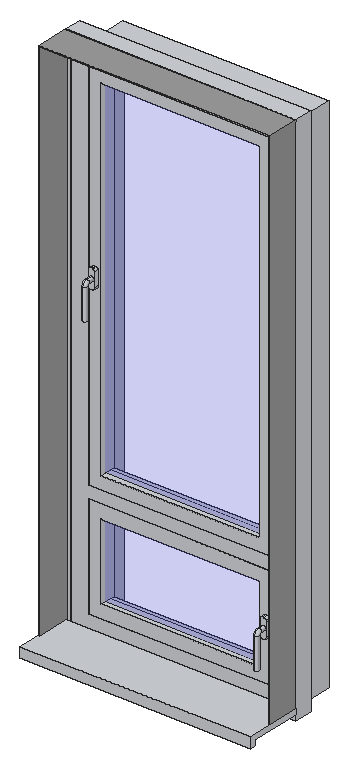
Revit family "AVLN_Окно_Фрамуга_1 створка", category Окна, Revit 2021
Family settings
  Основа = Стена
  Номер OmniClass = 23.30.20.00
  Заголовок OmniClass = Windows
  Всегда вертикально = Да
  При загрузке вырезать с полостями = Нет
  Общий = Нет
  Точка принадлежности помещению = Нет
Parameters (values of type "Для копирования!")
  Ширина рамы = 70 mm
  Ширина импоста = 50 mm
  Четверть слева/справа = 50 mm
  Четверть низ = 0 mm  # constant formula
  Четверть верх = 50 mm
  Толщина основы [instance] = 200 mm
  Створка_толщина = 25 mm  # constant formula
  Створка_снизу_высота = 400 mm
  Створка_профиль = 50 mm
  Створка ширина = Width - ((Ширина рамы * 2) + (Монтажный зазор * 2))  # 720 mm
  Створка высота = Height - (Створка_снизу_высота + (Ширина рамы * 2) + Ширина импоста + (Монтажный зазор * 2))  # 1470 mm
  Rough Width = Width - Монтажный зазор * 2  # 860 mm
  Rough Height = Height - Монтажный зазор * 2  # 2060 mm
  Подстановочный профиль_Ширина = 20 mm  # constant formula
  Подстановочный профиль_Толщина = 50 mm
  Подоконник_Толщина = 20 mm
  Подоконник_Длина = Width  # 900 mm
  Подоконник_Глубина = 190 mm
  Подоконник = yes
  Отлив_Толщина = 1 mm  # constant formula
  Отлив_Длина = Width - [Четверть слева/справа] * 2  # 800 mm
  Отлив_Глубина = 200 mm
  Отлив = no
  Откос_Н.Ширина = Width - 2 * [Четверть слева/справа]  # 800 mm
  Откос_Н.Толщина.8 = 32 mm
  Откос_Н.Толщина.7 = 28 mm
  Откос_Н.Толщина.6 = 24 mm
  Откос_Н.Толщина.5 = 20 mm
  Откос_Н.Толщина.4 = 16 mm
  Откос_Н.Толщина.3 = 12 mm
  Откос_Н.Толщина.2 = 8 mm
  Откос_Н.Толщина.1 = 4 mm
  Откос_Н.Отступ_П = 0 mm  # constant formula
  Откос_Н.Отступ_Л = 0 mm  # constant formula
  Откос_Н.Количество слоев = 1
  Откос_Н.Глубина = 150 mm
  Откос_Н.Высота = Height - Четверть верх - Четверть низ  # 2050 mm
  Откос_В.Толщина.8 = 32 mm
  Откос_В.Толщина.7 = 28 mm
  Откос_В.Толщина.6 = 24 mm
  Откос_В.Толщина.5 = 20 mm
  Откос_В.Толщина.4 = 16 mm
  Откос_В.Толщина.3 = 12 mm
  Откос_В.Толщина.2 = 8 mm
  Откос_В.Толщина.1 = 4 mm
  Откос_В.Отступ_П [instance] = Монтажный зазор + Подоконник_Толщина  # 40 mm
  Откос_В.Отступ_Л [instance] = Монтажный зазор + Подоконник_Толщина  # 40 mm
  Откос_В.Количество слоев = 1
  Откос_В.Глубина [instance] = Толщина основы - Глубина вставки - Ширина рамы  # 130 mm
  Определить тепловые свойства по = Тип схем
  Низ открывание = АВЛН_Створка открывная : Створка повороно-откидная левая
  Монтажный зазор = 20 mm
  М.Стекла = Стекло
  М.Рамы = none
  М.Подоконный профиль = none
  М.Подоконник = none
  М.Отлив = none
  М.Откос_Н.8 = none
  М.Откос_Н.7 = none
  М.Откос_Н.6 = none
  М.Откос_Н.5 = none
  М.Откос_Н.4 = none
  М.Откос_Н.3 = none
  М.Откос_Н.2 = none
  М.Откос_Н.1 = none
  М.Откос_В.8 = none
  М.Откос_В.7 = none
  М.Откос_В.6 = none
  М.Откос_В.5 = none
  М.Откос_В.4 = none
  М.Откос_В.3 = none
  М.Откос_В.2 = none
  М.Откос_В.1 = none
  М.Монтажного зазора = none
  Type Comments = ""
  Model = ""
  Глубина вставки = 0 mm
  Высота подоконника по умолчанию = 800 mm
  Height = 2100 mm
  Замыкание стены = По основе
  Width = 900 mm
  Верх открывание = АВЛН_Створка открывная : Створка повороно-откидная правая
  Аналитическая конструкция = "<Нет>"
  АВЛН_Проем_Ширина [instance] = Width  # 900 mm
  АВЛН_Проем_Высота [instance] = Height  # 2100 mm
  ADSK_Этаж [instance] = ""
  ADSK_Размер_Ширина = Width  # 900 mm
  ADSK_Размер_Высота = Height  # 2100 mm
  ADSK_Примечание [instance] = ""
  ADSK_Площадь = Height * Width  # 1.89 m²
  ADSK_Обозначение = ""
  ADSK_Номер секции [instance] = ""
  ADSK_Наименование = ""
  ADSK_Марка = ""
  ADSK_Группирование = ""
  -----------Разрезка----------- = "-----------"  # constant formula
  -----------Профили----------- = "-----------"  # constant formula
  -----------Подоконник----------- = "-----------"  # constant formula
  -----------Отлив----------- = "-----------"  # constant formula
  -----------Откос----------- = "-----------"  # constant formula
  -----------Основные габариты----------- = "-----------"  # constant formula
  -----------Вставка----------- = "-----------"  # constant formula
Reference planes
  plane 1 "По центру (Вперед/Назад)": y = 0
  plane 2 "По центру (Влево/Вправо)": x = 0
  plane 3 "Слева": x = -450
  plane 4 "Справа": x = 450
  plane 5 "Подоконник": z = 800
  plane 6 "Заголовок": z = 2900
  plane 7 "Наружный": y = 100
  plane 8 "Внутренние": y = -100
  plane 9 "Окно": y = 100
  plane 10: x = 430
  plane 11: z = 2880
  plane 12: x = -430
  plane 13: z = 820
  plane 14: x = 400
  plane 15: x = -400
  plane 16: z = 1850
  plane 17: y = 600
  plane 18: y = -400
  plane 19: z = 2850
  plane 20 "Чет. низ": z = 800
  plane 21 "Внутряння грань": y = 30
  plane 22: y = 80
  plane 23 "Импост верх": z = 1340
  plane 24 "Импост низ": z = 1290
  plane 25: z = 890
  plane 26: z = 2810
  plane 27: x = -360
  plane 28: x = 360
  plane 29 "4": z = 1315
  plane 30: z = 1090
  plane 31: x = 0
  plane 32: z = 2075
Forms (mm)
  Extrusion 1, void
    sketch origin (0, 100, 0) x (1, 0, 0) y (0, 0, 1)
      loop
        line (400, 2850) -> (-400, 2850) -> (-400, 800) -> (400, 800) -> (400, 2850)
    from -500 to 20
  Extrusion 2, void
    sketch origin (0, 100, 0) x (1, 0, 0) y (0, 0, 1)
      loop
        line (450, 2900) -> (-450, 2900) -> (-450, 800) -> (450, 800) -> (450, 2900)
    from 0 to 500
  Extrusion 3, solid, material <- "М.Монтажного зазора", detail levels medium+fine
    sketch origin (0, 100, 0) x (1, 0, 0) y (0, 0, 1)
      loop
        line (450, 2900) -> (-450, 2900) -> (-450, 800) -> (450, 800) -> (450, 2900)
      loop
        line (-430, 2880) -> (-430, 820) -> (430, 820) -> (430, 2880) -> (-430, 2880)
    from 0 to 70
  Extrusion 4, solid, material <- "М.Рамы", detail levels medium+fine
    sketch origin (0, 100, 0) x (-1, 0, 0) y (0, 0, 1)
      loop
        line (-430, 2880) -> (-430, 820) -> (430, 820) -> (430, 2880) -> (-430, 2880)
      loop
        line (-360, 2810) -> (-360, 1340) -> (360, 1340) -> (360, 2810) -> (-360, 2810)
      loop
        line (-360, 890) -> (360, 890) -> (360, 1290) -> (-360, 1290) -> (-360, 890)
    from -70 to 0
Lines and regions (mm)
  reference lines
    curve 1: line (-450, -100, 1315) -> (450, -100, 1315)
Text (mm)
  text "EXTERIOR" at (-1963.203, 1332.353, 0), in view "Опорный уровень"
  text "INTERIOR" at (-1981.466, -818.386, 0), in view "Опорный уровень"
  text "Наружный" at (0, 923.751, 2943.296), in view "Справа"
  text "Наружный" at (0, 1240.237, 2685.409), in view "Слева"
Dimensions and locks
  equal spacing: plane 3 "Слева", plane 2 "По центру (Влево/Вправо)", plane 4 "Справа"
  "Width": plane 3 "Слева" to plane 4 "Справа"
  "Height": plane 5 "Подоконник" to plane 6 "Заголовок"
  "Высота подоконника по умолчанию": plane 5 "Подоконник" to level
  locked: plane 7 "Наружный" to host wall
  locked: plane 8 "Внутренние" to host wall
  "Глубина вставки": plane 9 "Окно" to plane 7 "Наружный"
  "Монтажный зазор": plane 10 to plane 4 "Справа"
  "Монтажный зазор": plane 3 "Слева" to plane 12
  "Монтажный зазор": plane 11 to plane 6 "Заголовок"
  "Монтажный зазор": plane 5 "Подоконник" to plane 13
  "Четверть слева/справа": plane 14 to plane 4 "Справа"
  "Четверть слева/справа": plane 3 "Слева" to plane 15
  equal spacing: plane 5 "Подоконник", plane 16, plane 6 "Заголовок"
  locked: plane 7 "Наружный" to plane 17 at 500
  locked: plane 18 to plane 8 "Внутренние" at 300
  "Четверть верх": plane 19 to plane 6 "Заголовок"
  "Четверть низ": plane 5 "Подоконник" to plane 20 "Чет. низ"
  "Ширина рамы": plane 9 "Окно" to plane 21 "Внутряння грань"
  "Толщина основы": host wall to host wall
  locked: plane 22 to plane 21 "Внутряння грань" at 50
  "Ширина импоста": plane 24 "Импост низ" to plane 23 "Импост верх"
  "Ширина рамы": plane 28 to plane 10
  "Ширина рамы": plane 12 to plane 27
  "Ширина рамы": plane 13 to plane 25
  "Ширина рамы": plane 26 to plane 11
  plane 23 "Импост верх" to plane 26 = 1470 mm
  "Створка_снизу_высота": plane 25 to plane 24 "Импост низ"
  equal spacing: plane 23 "Импост верх", plane 29 "4", plane 24 "Импост низ"
  equal spacing: plane 3 "Слева", plane 31, plane 4 "Справа"
  equal spacing: plane 24 "Импост низ", plane 30, plane 25
  equal spacing: plane 26, plane 32, plane 23 "Импост верх", locked at 735 each
  aligned and locked: Extrusion 1 sketch curve to plane 14
  aligned and locked: Extrusion 1 sketch curve to plane 15
  aligned and locked: plane 17 to Extrusion 1
  aligned and locked: Extrusion 2 sketch curve to plane 6 "Заголовок"
  aligned and locked: Extrusion 2 sketch curve to plane 4 "Справа"
  aligned and locked: plane 5 "Подоконник" to Extrusion 2 sketch curve
  aligned and locked: plane 3 "Слева" to Extrusion 2 sketch curve
  aligned and locked: plane 9 "Окно" to Extrusion 2
  aligned and locked: Extrusion 2 to plane 18
  aligned and locked: Extrusion 1 sketch curve to plane 19
  aligned and locked: plane 20 "Чет. низ" to Extrusion 1 sketch curve
  aligned and locked: plane 9 "Окно" to nested 1
  aligned and locked: plane 2 "По центру (Влево/Вправо)" to nested 1
  aligned and locked: nested 2 to plane 21 "Внутряння грань"
  aligned and locked: nested 2 to plane 2 "По центру (Влево/Вправо)"
  aligned and locked: nested 3 to plane 2 "По центру (Влево/Вправо)"
  aligned and locked: plane 8 "Внутренние" to nested 3
  aligned and locked: nested 4 to plane 9 "Окно"
  aligned and locked: Extrusion 3 sketch curve to plane 6 "Заголовок"
  aligned and locked: Extrusion 3 sketch curve to plane 4 "Справа"
  aligned and locked: Extrusion 3 sketch curve to nested 2  (x2)
  aligned and locked: Extrusion 3 sketch curve to plane 11
  aligned and locked: Extrusion 3 sketch curve to plane 12
  aligned and locked: plane 13 to Extrusion 3 sketch curve
  aligned and locked: Extrusion 3 sketch curve to plane 10
  aligned and locked: Extrusion 3 to nested 2
  aligned and locked: plane 24 "Импост низ" to Extrusion 4 sketch curve
  aligned and locked: plane 23 "Импост верх" to Extrusion 4 sketch curve
  aligned and locked: Extrusion 4 sketch curve to Extrusion 4 sketch curve
  aligned and locked: plane 27 to Extrusion 4 sketch curve
  aligned and locked: Extrusion 4 sketch curve to plane 12
  aligned and locked: plane 13 to Extrusion 4 sketch curve
  aligned and locked: plane 28 to Extrusion 4 sketch curve  (x2)
  aligned and locked: plane 10 to Extrusion 4 sketch curve
  aligned and locked: Extrusion 4 sketch curve to plane 26
  aligned and locked: Extrusion 4 sketch curve to plane 11
  aligned and locked: plane 20 "Чет. низ" to nested 4
  aligned and locked: nested 4 to plane 2 "По центру (Влево/Вправо)"
  aligned and locked: plane 9 "Окно" to Extrusion 3
  aligned and locked: Extrusion 4 to plane 21 "Внутряння грань"
  aligned and locked: plane 9 "Окно" to Extrusion 4
  aligned and locked: Extrusion 1 to plane 22
  aligned and locked: curve 1 to plane 29 "4"
  aligned and locked: plane 3 "Слева" to curve 1
  aligned and locked: plane 4 "Справа" to curve 1
  aligned and locked: plane 30 to nested 6
  aligned and locked: plane 32 to nested 5
  aligned and locked: plane 31 to nested 5
  aligned and locked: plane 31 to nested 6
  aligned and locked: plane 31 to nested 8
  aligned and locked: nested 8 to plane 16
Automatic sketch dimensions
  Extrusion 4 sketch curve to plane 25 = 0 mm
Nested families
  nested 1: "Отлив" at (0, 100, 800) x (-1, 0, 0) z (0, 0, 1), Глубина отлива <- "Отлив_Глубина", Длина отлива <- "Отлив_Длина", ТО <- "Отлив_Толщина", Ш_МЗЗ <- "Монтажный зазор", Ш_ПП <- "Подстановочный профиль_Ширина", ADSK_Группирование <- "ADSK_Группирование", ADSK_Номер секции <- "ADSK_Номер секции", ADSK_Этаж <- "ADSK_Этаж", visible <- "Отлив", М <- "М.Отлив", type "Отлив", detail levels fine
    with Ш_ПП 20 mm, Ш_МЗЗ 20 mm, ТО 1 mm, М none, Длина отлива 800 mm, Глубина отлива 200 mm, ADSK_Этаж "", ADSK_Примечание "", ADSK_Обозначение "", ADSK_Номер секции "", ADSK_Наименование "", ADSK_Марка "", ADSK_Группирование ""
  nested 2: "Подоконник" at (0, 30, 800), Глубина подоконника <- "Подоконник_Глубина", Длина отлива <- "Подоконник_Длина", ТП <- "Подоконник_Толщина", Ш_МЗЗ <- "Монтажный зазор", Ш_ПП <- "Подстановочный профиль_Ширина", ADSK_Группирование <- "ADSK_Группирование", ADSK_Номер секции <- "ADSK_Номер секции", ADSK_Этаж <- "ADSK_Этаж", visible <- "Подоконник", М <- "М.Подоконник", type "Подоконник", detail levels fine
    with Ш_ПП 20 mm, Ш_МЗЗ 20 mm, ТП 20 mm, М none, Длина отлива 900 mm, Глубина подоконника 190 mm, ADSK_Этаж "", ADSK_Примечание "", ADSK_Обозначение "", ADSK_Номер секции "", ADSK_Наименование "", ADSK_Марка "", ADSK_Группирование ""
  nested 3: "AVLN_Откосы_R19" at (0, -100, 0), Глубина <- "Откос_В.Глубина", Высота от уровня <- "Высота подоконника по умолчанию", ADSK_Группирование <- "Type Comments", ADSK_Этаж <- "ADSK_Этаж", ADSK_Номер секции <- "ADSK_Номер секции", Материал_1 <- "М.Откос_В.1", Материал_2 <- "М.Откос_В.2", Материал_3 <- "М.Откос_В.3", Материал_4 <- "М.Откос_В.4", Материал_5 <- "М.Откос_В.5", Материал_6 <- "М.Откос_В.6", Материал_7 <- "М.Откос_В.7", Материал_8 <- "М.Откос_В.8", Толщина_1 <- "Откос_В.Толщина.1", Толщина_2 <- "Откос_В.Толщина.2", Толщина_3 <- "Откос_В.Толщина.3", Толщина_4 <- "Откос_В.Толщина.4", Толщина_5 <- "Откос_В.Толщина.5", Толщина_6 <- "Откос_В.Толщина.6", Толщина_7 <- "Откос_В.Толщина.7", Толщина_8 <- "Откос_В.Толщина.8", Количество слоев <- "Откос_В.Количество слоев", Отступ_Л <- "Откос_В.Отступ_Л", Отступ_П <- "Откос_В.Отступ_П", Высота <- "Height", Ширина <- "Width", type "AVLN_Откосы_R19"
    with Ширина_8 676 mm, Ширина_7 732 mm, Ширина_6 780 mm, Ширина_5 820 mm, Ширина_4 852 mm, Ширина_3 876 mm, Ширина_2 892 mm, Ширина 900 mm, Толщина_8 32 mm, Толщина_7 28 mm, Толщина_6 24 mm, Толщина_5 20 mm, Толщина_4 16 mm, Толщина_3 12 mm, Толщина_2 8 mm, Толщина_1 4 mm, Отступ_П 40 mm, Отступ_Л 40 mm, Материал_8 none, Материал_7 none, Материал_6 none, Материал_5 none, Материал_4 none, Материал_3 none, Материал_2 none, Материал_1 none, Количество слоев 1, Глубина 130 mm, Высота_8 1988 mm, Высота_7 2016 mm, Высота_6 2040 mm, Высота_5 2060 mm, Высота_4 2076 mm, Высота_3 2088 mm, Высота_2 2096 mm, Высота от уровня 800 mm, Высота 2100 mm, Видимость_8 no, Видимость_7 no, Видимость_6 no, Видимость_5 no, Видимость_4 no, Видимость_3 no, Видимость_2 no, Видимость_1 yes, ADSK_Этаж "", ADSK_Номер секции "", ADSK_Группирование ""
  nested 4: "AVLN_Откосы_R19" at (0, 100, 0), Ширина <- "Откос_Н.Ширина", Глубина <- "Откос_Н.Глубина", Высота <- "Откос_Н.Высота", Высота от уровня <- "Высота подоконника по умолчанию", ADSK_Группирование <- "Type Comments", ADSK_Этаж <- "ADSK_Этаж", ADSK_Номер секции <- "ADSK_Номер секции", Материал_1 <- "М.Откос_Н.1", Материал_2 <- "М.Откос_Н.2", Материал_3 <- "М.Откос_Н.3", Материал_4 <- "М.Откос_Н.4", Материал_5 <- "М.Откос_Н.5", Материал_6 <- "М.Откос_Н.6", Материал_7 <- "М.Откос_Н.7", Материал_8 <- "М.Откос_Н.8", Толщина_1 <- "Откос_Н.Толщина.1", Толщина_2 <- "Откос_Н.Толщина.2", Толщина_3 <- "Откос_Н.Толщина.3", Толщина_4 <- "Откос_Н.Толщина.4", Толщина_5 <- "Откос_Н.Толщина.5", Толщина_6 <- "Откос_Н.Толщина.6", Толщина_7 <- "Откос_Н.Толщина.7", Толщина_8 <- "Откос_Н.Толщина.8", Количество слоев <- "Откос_Н.Количество слоев", Отступ_Л <- "Откос_Н.Отступ_Л", Отступ_П <- "Откос_Н.Отступ_П", type "AVLN_Откосы_R19"
    with Ширина_8 576 mm, Ширина_7 632 mm, Ширина_6 680 mm, Ширина_5 720 mm, Ширина_4 752 mm, Ширина_3 776 mm, Ширина_2 792 mm, Ширина 800 mm, Толщина_8 32 mm, Толщина_7 28 mm, Толщина_6 24 mm, Толщина_5 20 mm, Толщина_4 16 mm, Толщина_3 12 mm, Толщина_2 8 mm, Толщина_1 4 mm, Отступ_П 0 mm, Отступ_Л 0 mm, Материал_8 none, Материал_7 none, Материал_6 none, Материал_5 none, Материал_4 none, Материал_3 none, Материал_2 none, Материал_1 none, Количество слоев 1, Глубина 150 mm, Высота_8 1938 mm, Высота_7 1966 mm, Высота_6 1990 mm, Высота_5 2010 mm, Высота_4 2026 mm, Высота_3 2038 mm, Высота_2 2046 mm, Высота от уровня 800 mm, Высота 2050 mm, Видимость_8 no, Видимость_7 no, Видимость_6 no, Видимость_5 no, Видимость_4 no, Видимость_3 no, Видимость_2 no, Видимость_1 yes, ADSK_Этаж "", ADSK_Номер секции "", ADSK_Группирование ""
  nested 5: "АВЛН_Створка открывная" at (0, 30, 2075) x (1, 0, 0) z (0, 1, 0), type <- "Верх открывание", Ширина рамы <- "Створка_профиль", Створка высота <- "Створка высота", Створка ширина <- "Створка ширина", Материал_Ручки <- "М.Рамы", Материал_Рама <- "М.Рамы", Материал_Стеклопакет <- "М.Стекла", type "Створка повороно-откидная правая", detail levels medium+fine
    with Ширина рамы 50 mm, Створка ширина 720 mm, Створка высота 1470 mm, Материал_Стеклопакет Стекло, Материал_Ручки none, Материал_Рама none, Width 720 mm, Height 1470 mm
  nested 6: "АВЛН_Створка открывная" at (0, 30, 1090) x (1, 0, 0) z (0, 1, 0), type <- "Низ открывание", Ширина рамы <- "Створка_профиль", Створка высота <- "Створка_снизу_высота", Створка ширина <- "Створка ширина", Материал_Ручки <- "М.Рамы", Материал_Рама <- "М.Рамы", Материал_Стеклопакет <- "М.Стекла", type "Створка повороно-откидная левая", detail levels medium+fine
    with Ширина рамы 50 mm, Створка ширина 720 mm, Створка высота 400 mm, Материал_Стеклопакет Стекло, Материал_Ручки none, Материал_Рама none, Width 720 mm, Height 1470 mm
  nested 7: "Откос_R1" at (0, 175, 800), type "Откос_R19 2"
    with Площадь 0.735 m², Отступ_П 0 mm, Отступ_Л 0 mm, Материал none, Видимость yes, ADSK_Этаж "", ADSK_Размер_Ширина 800 mm, ADSK_Размер_Толщина 4 mm, ADSK_Размер_Глубина 150 mm, ADSK_Размер_Высота 2050 mm, ADSK_Номер секции "", ADSK_Группирование ""
  nested 8: "AVLN_Обозначение проема" at (0, 100, 1850) x (0, 0, -1) z (0, -1, 0), ADSK_Размер_Высота <- "АВЛН_Проем_Ширина", ADSK_Размер_Ширина <- "АВЛН_Проем_Высота", type "AVLN_Обозначение проема", detail levels coarse
    with ADSK_Размер_Ширина 2100 mm, ADSK_Размер_Высота 900 mm
  nested 9: "Откос_R1" at (0, -35, 800), type "Откос_R19 2"
    with Площадь 0.663 m², Отступ_П 40 mm, Отступ_Л 40 mm, Материал none, Видимость yes, ADSK_Этаж "", ADSK_Размер_Ширина 900 mm, ADSK_Размер_Толщина 4 mm, ADSK_Размер_Глубина 130 mm, ADSK_Размер_Высота 2100 mm, ADSK_Номер секции "", ADSK_Группирование ""
Definition of nested family "Отлив"
  Parameters (values of type "Отлив")
    Ш_ПП [instance] = 50 mm
    Ш_МЗЗ [instance] = 35 mm
    ТО [instance] = 1 mm
    Default Elevation = 1219.2 mm
    М [instance] = none
    Длина отлива [instance] = 1560 mm
    Глубина отлива [instance] = 280 mm
    ADSK_Этаж [instance] = ""
    ADSK_Примечание [instance] = ""
    ADSK_Обозначение [instance] = ""
    ADSK_Номер секции [instance] = ""
    ADSK_Наименование [instance] = ""
    ADSK_Марка [instance] = ""
    ADSK_Группирование [instance] = ""
  Reference planes
    plane 1 "По центру (Вперед/Назад)": y = 0
    plane 2: z = 0
    plane 3 "По центру (Влево/Вправо)": x = 0
    plane 4: y = -280
    plane 5: x = -780
    plane 6: x = 780
    plane 7: z = 35
    plane 8: z = 85
    plane 9: y = -1
    plane 10: y = -300
    plane 11: y = -301
    plane 12: z = -35
    plane 13: z = 34
  Forms (mm)
    Extrusion 1, solid, material <- "М"
      sketch origin (0, 0, 0) x (0, 1, 0) y (0, 0, 1)
        loop
          line (0, 85) -> (-1, 85) -> (-1, 34.893) -> (-301, 0.893) -> (-301, -35) -> (-300, -35) -> (-300, 0) -> (0, 34) -> (0, 85)
      from -780 to 780
  Dimensions and locks
    equal spacing: plane 5, plane 3 "По центру (Влево/Вправо)", plane 6
    "Длина отлива": plane 5 to plane 6
    "Глубина отлива": plane 4 to plane 1 "По центру (Вперед/Назад)"
    "Ш_МЗЗ": plane 7 to level
    "Ш_ПП": plane 8 to plane 7
    "ТО": plane 1 "По центру (Вперед/Назад)" to plane 9
    "ТО": plane 10 to plane 11
    locked: level to plane 12 at 35
    "ТО": plane 7 to plane 13
    "ТО": Extrusion 1 sketch curve to Extrusion 1 sketch curve
    locked: plane 4 to plane 10 at 20
    aligned and locked: level to plane 2
    aligned and locked: plane 8 to Extrusion 1 sketch curve
    aligned and locked: plane 9 to Extrusion 1 sketch curve
    aligned and locked: plane 11 to Extrusion 1 sketch curve
    aligned and locked: plane 12 to Extrusion 1 sketch curve
    aligned and locked: plane 1 "По центру (Вперед/Назад)" to Extrusion 1 sketch curve  (x2)
    aligned and locked: plane 13 to Extrusion 1 sketch curve
    aligned and locked: level to Extrusion 1 sketch curve
    aligned and locked: plane 10 to Extrusion 1 sketch curve
    aligned and locked: plane 6 to Extrusion 1
    aligned and locked: Extrusion 1 to plane 5
Definition of nested family "Подоконник"
  Parameters (values of type "Подоконник")
    Ш_ПП [instance] = 50 mm
    Ш_МЗЗ [instance] = 35 mm
    ТП [instance] = 20 mm
    Default Elevation = 1219.2 mm
    М [instance] = none
    Длина отлива [instance] = 1560 mm
    Глубина подоконника [instance] = 280 mm
    ADSK_Этаж [instance] = ""
    ADSK_Примечание [instance] = ""
    ADSK_Обозначение [instance] = ""
    ADSK_Номер секции [instance] = ""
    ADSK_Наименование [instance] = ""
    ADSK_Марка [instance] = ""
    ADSK_Группирование [instance] = ""
  Reference planes
    plane 1 "По центру (Вперед/Назад)": y = 0
    plane 2: z = 0
    plane 3 "По центру (Влево/Вправо)": x = 0
    plane 4: y = -280
    plane 5: x = -780
    plane 6: x = 780
    plane 7: z = 35
    plane 8: z = 85
    plane 9: y = -20
    plane 10: y = -290
    plane 11: y = -310
    plane 12: z = -35
    plane 13: z = 15
    plane 14: z = 65
  Forms (mm)
    Extrusion 1, solid, material <- "М"
      sketch origin (0, 0, 0) x (0, 1, 0) y (0, 0, 1)
        loop
          line (0, 85) -> (-310, 85) -> (-310, 0) -> (-290, 0) -> (-290, 65) -> (0, 65) -> (0, 85)
      from -780 to 780
  Dimensions and locks
    equal spacing: plane 5, plane 3 "По центру (Влево/Вправо)", plane 6
    "Длина отлива": plane 5 to plane 6
    "Глубина подоконника": plane 4 to plane 1 "По центру (Вперед/Назад)"
    "Ш_МЗЗ": plane 7 to level
    "Ш_ПП": plane 8 to plane 7
    "ТП": plane 1 "По центру (Вперед/Назад)" to plane 9
    "ТП": plane 10 to plane 11
    locked: level to plane 12 at 35
    "ТП": plane 7 to plane 13
    locked: plane 4 to plane 10 at 10
    "ТП": plane 8 to plane 14
    aligned and locked: level to plane 2
    aligned and locked: plane 8 to Extrusion 1 sketch curve
    aligned and locked: plane 1 "По центру (Вперед/Назад)" to Extrusion 1 sketch curve
    aligned and locked: plane 10 to Extrusion 1 sketch curve
    aligned and locked: plane 11 to Extrusion 1 sketch curve
    aligned and locked: level to Extrusion 1 sketch curve
    aligned and locked: plane 14 to Extrusion 1 sketch curve
    aligned and locked: Extrusion 1 to plane 5
    aligned and locked: plane 6 to Extrusion 1
Definition of nested family "АВЛН_Створка открывная"
  Parameters (values of type "Створка повороно-откидная правая")
    Ширина рамы [instance] = 50 mm
    Width = 600 mm
    Створка ширина [instance] = 800 mm
    Створка высота [instance] = 700 mm
    Материал_Стеклопакет [instance] = none
    Поворотная Правая = yes
    Поворотная Левая = no
    Default Elevation = 1219.2 mm
    Открываная = yes
    Откидная = yes
    Материал_Ручки [instance] = none
    Материал_Рама [instance] = none
    Левая = yes
    Глухое = no
    Height = 1150 mm
    Analytic Construction = "<Нет>"
  Types (6, lengths in mm): name | Width | Поворотная Правая | Поворотная Левая | Открываная | Откидная | Глухое | Height
    Створка повороно-откидная правая | 600 | yes | no | yes | yes | no | 1150
    Створка повороно-откидная левая | 600 | no | yes | yes | yes | no | 1150
    Створка глухая | 600 | no | no | no | no | yes | 1150
    Створка откидная | 1300 | no | no | yes | yes | no | 1700
    Створка поворотная правая | 600 | yes | no | yes | no | no | 1150
    Створка поворотная левая | 600 | no | yes | yes | no | no | 1150
  Reference planes
    plane 1 "По центру (Вперед/Назад)": y = 0
    plane 2 "Внутрення грань": z = 0
    plane 3 "По центру (Влево/Вправо)": x = 0
    plane 4: y = 350
    plane 5: x = 400
    plane 6: y = -350
    plane 7: x = -400
    plane 8 "Наружняя грань": z = 60.433
    plane 9 "По центру Л/Р": z = 30.216
  Forms (mm)
    Extrusion 1, solid
      sketch origin (0, 0, 0) x (1, 0, 0) y (0, 1, 0)
        loop
          line (-1219.2, 1219.2) -> (-1219.2, -1219.2) -> (1219.2, -1219.2) -> (1219.2, 1219.2) -> (-1219.2, 1219.2)
      from 0 to -304.8
    Sweep 2, solid, material <- "Материал_Рама", visible <- "Открываная"
      path origin (0, 0, 0) x (1, 0, 0) y (0, 1, 0)
        loop
          line (400, 350) -> (-400, 350) -> (-400, -350) -> (400, -350) -> (400, 350)
      profile origin (0, 350, 0) x (0, -1, 0) y (0, 0, 1)
        loop
          line (0, 0) -> (50, 0) -> (50, 60.433) -> (0, 60.433) -> (0, 0)
    Extrusion 3, solid, material <- "Материал_Стеклопакет", visible <- "Открываная"
      sketch origin (0, 0, 0) x (1, 0, 0) y (0, 1, 0)
        loop
          line (-350, 300) -> (-350, -300) -> (350, -300) -> (350, 300) -> (-350, 300)
      from 17.481 to 42.952
    Extrusion 4, solid, material <- "Материал_Стеклопакет", visible <- "Глухое"
      sketch origin (0, 0, 0) x (1, 0, 0) y (0, 1, 0)
        loop
          line (-400, 350) -> (-400, -350) -> (400, -350) -> (400, 350) -> (-400, 350)
      from 17.481 to 42.952
  Lines and regions (mm)
    model lines, visible <- "Глухое", detail levels medium+fine
      curve 1: line (0, 50, 60.433) -> (0, -50, 60.433)
      curve 2: line (50, 0, 60.433) -> (-50, 0, 60.433)
      curve 17: line (0, 50, 0) -> (0, -50, 0)
      curve 18: line (50, 0, 0) -> (-50, 0, 0)
    model lines, visible <- "Глухое", not visible, detail levels medium+fine
      curve 3: line (60, 38.001, 60.433) -> (60, -61.999, 60.433)
      curve 4: line (110, -11.999, 60.433) -> (10, -11.999, 60.433)
    model lines, visible <- "Поворотная Правая", detail levels medium+fine
      curve 5: line (400, 350, 0) -> (-400, 0, 0)
      curve 6: line (400, -350, 0) -> (-400, 0, 0)
      curve 13: line (400, 350, 60.433) -> (-400, 0, 60.433)
      curve 14: line (400, -350, 60.433) -> (-400, 0, 60.433)
    model lines, visible <- "Откидная", detail levels medium+fine
      curve 7: line (-400, -350, 0) -> (0, 350, 0)
      curve 8: line (0, 350, 0) -> (400, -350, 0)
      curve 15: line (-400, -350, 60.433) -> (0, 350, 60.433)
      curve 16: line (0, 350, 60.433) -> (400, -350, 60.433)
    model lines, visible <- "Поворотная Левая", detail levels medium+fine
      curve 9: line (-400, 350, 0) -> (400, 0, 0)
      curve 10: line (-400, -350, 0) -> (400, 0, 0)
      curve 11: line (-400, 350, 60.433) -> (400, 0, 60.433)
      curve 12: line (-400, -350, 60.433) -> (400, 0, 60.433)
  Dimensions and locks
    "Створка высота": plane 4 to plane 6
    "Створка ширина": plane 7 to plane 5
    equal spacing: plane 7, plane 3 "По центру (Влево/Вправо)", plane 5
    equal spacing: plane 6, plane 1 "По центру (Вперед/Назад)", plane 4
    plane 2 "Внутрення грань" to plane 8 "Наружняя грань" = 60.433 mm
    level to Extrusion 4 = 42.952 mm
    plane 8 "Наружняя грань" to level = 60.433 mm
    equal spacing: Extrusion 3, plane 9 "По центру Л/Р", Extrusion 3
    equal spacing: plane 8 "Наружняя грань", plane 9 "По центру Л/Р", level
    Extrusion 3 to Extrusion 3 = 25.471 mm
    "Ширина рамы": profile plane to Sweep 2 sketch curve
    equal spacing: Extrusion 4, plane 9 "По центру Л/Р", Extrusion 4, locked at 12.735 each
    locked: Extrusion 4 to Extrusion 4 at 25.471
    equal spacing: Sweep 2, nested 1, Sweep 2
    equal spacing: Sweep 2, nested 2, Sweep 2
    aligned and locked: plane 2 "Внутрення грань" to Extrusion 1
    aligned and locked: level to Extrusion 1
    aligned and locked: plane 4 to Sweep 2 sketch curve
    aligned and locked: plane 5 to Sweep 2 sketch curve
    aligned and locked: plane 6 to Sweep 2 sketch curve
    aligned and locked: Sweep 2 sketch curve to plane 7
    aligned and locked: Extrusion 3 sketch curve to Sweep 2  (x4)
    aligned and locked: Extrusion 4 sketch curve to Sweep 2  (x3)
    aligned and locked: Extrusion 4 sketch curve to plane 5
    aligned and locked: Sweep 2 sketch curve to plane 8 "Наружняя грань"
    aligned and locked: plane 6 to Extrusion 4
    aligned and locked: plane 4 to Extrusion 4
    aligned and locked: curve 2 to plane 1 "По центру (Вперед/Назад)"
    aligned and locked: curve 1 to plane 3 "По центру (Влево/Вправо)"
    aligned and locked: curve 18 to plane 1 "По центру (Вперед/Назад)"
    aligned and locked: curve 17 to plane 3 "По центру (Влево/Вправо)"
    aligned and locked: nested 2 to plane 1 "По центру (Вперед/Назад)"
    aligned and locked: nested 1 to plane 1 "По центру (Вперед/Назад)"
  Automatic sketch dimensions
    Extrusion 1 sketch curve to Extrusion 1 sketch curve = 2438.4 mm  (x2)
    plane 1 "По центру (Вперед/Назад)" to curve 5 = 0 mm
    curve 5 to plane 7 = 0 mm
    curve 9 to plane 4 = 0 mm
    curve 9 to plane 7 = 0 mm
    plane 6 to curve 7 = 0 mm
    curve 7 to plane 7 = 0 mm
    curve 7 to plane 3 "По центру (Влево/Вправо)" = 0 mm
    curve 6 to plane 5 = 0 mm
    plane 1 "По центру (Вперед/Назад)" to curve 9 = 0 mm
    curve 9 to plane 5 = 0 mm
    curve 5 to plane 4 = 0 mm
    curve 5 to plane 5 = 0 mm
    plane 6 to curve 8 = 0 mm
    curve 8 to plane 4 = 0 mm
    curve 11 to plane 4 = 0 mm
    curve 11 to plane 7 = 0 mm
    plane 6 to curve 15 = 0 mm
    curve 15 to plane 7 = 0 mm
    plane 1 "По центру (Вперед/Назад)" to curve 14 = 0 mm
    curve 14 to plane 7 = 0 mm
    curve 15 to plane 3 "По центру (Влево/Вправо)" = 0 mm
    plane 1 "По центру (Вперед/Назад)" to curve 11 = 0 mm
    curve 11 to plane 5 = 0 mm
    curve 14 to plane 5 = 0 mm
    curve 13 to plane 4 = 0 mm
    curve 13 to plane 5 = 0 mm
    plane 6 to curve 14 = 0 mm
    curve 15 to plane 4 = 0 mm
    plane 1 "По центру (Вперед/Назад)" to curve 2 = 0 mm
    curve 1 to plane 3 "По центру (Влево/Вправо)" = 0 mm
    curve 2 to plane 3 "По центру (Влево/Вправо)" = 50 mm
    plane 3 "По центру (Влево/Вправо)" to curve 2 = 50 mm
    plane 1 "По центру (Вперед/Назад)" to curve 1 = 50 mm
    curve 1 to plane 1 "По центру (Вперед/Назад)" = 50 mm
    curve 18 to curve 17 = 50 mm
    curve 17 to curve 18 = 50 mm
    plane 1 "По центру (Вперед/Назад)" to curve 17 = 50 mm
    curve 17 to plane 1 "По центру (Вперед/Назад)" = 50 mm
    Sweep 2 sketch curve to level = 0 mm
    Sweep 2 sketch curve to profile plane = 0 mm
  Nested families
    nested 1: "АВЛН_Ручка" at (375, 1040, 0) x (1, 0, 0) z (0, -1, 0), visible <- "Поворотная Левая", Материал дверной ручки <- "Материал_Рама", type "АВЛН_Ручка", detail levels fine
      with Материал дверной ручки none, Высота расположения дверной ручки 1040 mm
    nested 2: "АВЛН_Ручка" at (-375, 1040, 0) x (1, 0, 0) z (0, -1, 0), visible <- "Поворотная Правая", Материал дверной ручки <- "Материал_Рама", type "АВЛН_Ручка", detail levels fine
      with Материал дверной ручки none, Высота расположения дверной ручки 1040 mm
  Definition of nested family "АВЛН_Ручка"
    Parameters (values of type "АВЛН_Ручка")
      Default Elevation = 1219.2 mm
      Материал дверной ручки [instance] = none
      Высота расположения дверной ручки [instance] = 1040 mm
      Analytic Construction = "<Нет>"
      b = 25 mm
      a = 75 mm
    Reference planes
      plane 1 "По центру (Вперед/Назад)": y = 0
      plane 2: z = 0
      plane 3 "По центру (Влево/Вправо)": x = 0
      plane 4: z = 1040
      plane 5: x = 12.5
      plane 6: x = -12.5
      plane 7: z = 1002.5
      plane 8: z = 1077.5
      plane 9: y = -15
    Forms (mm)
      Extrusion 1, solid, material <- "Материал дверной ручки"
        sketch origin (0, 0, 2080) x (-1, 0, 0) y (0, 0, -1)
          loop
            arc (-2.5, 1077.5) -> (-9.571, 1074.571) -> (-12.5, 1067.5) r 10
            line (-12.5, 1067.5) -> (-12.5, 1012.5)
            arc (-12.5, 1012.5) -> (-9.571, 1005.429) -> (-2.5, 1002.5) r 10
            line (-2.5, 1002.5) -> (2.5, 1002.5)
            arc (2.5, 1002.5) -> (9.571, 1005.429) -> (12.5, 1012.5) r 10
            line (12.5, 1012.5) -> (12.5, 1067.5)
            arc (12.5, 1067.5) -> (9.571, 1074.571) -> (2.5, 1077.5) r 10
            line (2.5, 1077.5) -> (-2.5, 1077.5)
        from 0 to 15
      Sweep 2, solid, material <- "Материал дверной ручки"
        path origin (-1040, 0, 1040) x (0, 0, -1) y (0, 1, 0)
          loop
            line (0, -15) -> (0, -38.261)
            arc (0, -38.261) -> (-2.929, -45.332) -> (-10, -48.261) r 10
            line (-10, -48.261) -> (-130, -48.261)
        profile origin (-1040, -26.63, 1040) x (0, 0, -1) y (1, 0, 0)
          loop
            circle (0, 1040) r 8
    Dimensions and locks
      "Высота расположения дверной ручки": plane 4 to level
      "a": plane 7 to plane 8
      "b": plane 6 to plane 5
      plane 6 to plane 5 = 25 mm
      locked: plane 1 "По центру (Вперед/Назад)" to plane 9 at 15
      plane 7 to plane 8 = 75 mm
      aligned and locked: level to plane 2
      aligned and locked: Extrusion 1 sketch curve to plane 7
      aligned and locked: plane 5 to Extrusion 1 sketch curve
      aligned and locked: plane 8 to Extrusion 1 sketch curve
      aligned and locked: Extrusion 1 sketch curve to plane 6
      aligned and locked: Extrusion 1 to plane 1 "По центру (Вперед/Назад)"
    Automatic sketch dimensions
      Sweep 2 sketch curve to plane 9 = 0 mm
      plane 4 to Sweep 2 sketch curve = 10 mm
      plane 9 to Sweep 2 sketch curve = 23.261 mm
      Sweep 2 sketch curve to Sweep 2 sketch curve = 120 mm
      Sweep 2 sketch curve to profile plane = 0 mm
      profile plane to Sweep 2 sketch curve = 1040 mm
      Sweep 2 sketch curve to plane 4 = 0 mm
      plane 3 "По центру (Влево/Вправо)" to Extrusion 1 sketch curve = 2.5 mm  (x2)
      Extrusion 1 sketch curve to plane 3 "По центру (Влево/Вправо)" = 2.5 mm  (x2)
      radius of Sweep 2 sketch curve = 8 mm
Definition of nested family "Откос_R1"
  Parameters (values of type "Откос_R19")
    Площадь [instance] = (ADSK_Размер_Ширина + 2 * ADSK_Размер_Высота) * ADSK_Размер_Глубина  # 2.93564 m²
    Отступ_П [instance] = 0 mm
    Отступ_Л [instance] = 0 mm
    Материал [instance] = none
    Model = "Внутренний слой откоса"  # constant formula
    Видимость [instance] = yes
    ADSK_Этаж [instance] = ""
    ADSK_Размер_Ширина [instance] = 1880 mm
    ADSK_Размер_Толщина [instance] = 164.158 mm
    ADSK_Размер_Глубина [instance] = 560 mm
    ADSK_Размер_Высота [instance] = 1681.106 mm
    ADSK_Примечание = ""
    ADSK_Обозначение = ""
    ADSK_Номер секции [instance] = ""
    ADSK_Наименование = ""
    ADSK_Марка = ""
    ADSK_Группирование [instance] = ""
  Reference planes
    plane 1 "По центру (Вперед/Назад)": y = 0
    plane 2: z = 0
    plane 3 "По центру (Влево/Вправо)": x = 0
    plane 4: x = -940
    plane 5: x = 940
    plane 6: y = 280
    plane 7: y = -280
    plane 8: x = -775.842
    plane 9: z = 1681.106
    plane 10: z = 0
    plane 11: z = 0
  Forms (mm)
    Sweep 1, solid, material <- "Материал", visible <- "Видимость"
      path origin (0, 0, 0) x (1, 0, 0) y (0, 0, 1)
        loop
          line (940, 0) -> (940, 1681.106) -> (-940, 1681.106) -> (-940, 0)
      profile origin (-940, 0, 840.553) x (0, -1, 0) y (1, 0, 0)
        loop
          line (-280, 0) -> (280, 0) -> (280, 164.158) -> (-280, 164.158) -> (-280, 0)
  Dimensions and locks
    equal spacing: plane 6, plane 1 "По центру (Вперед/Назад)", plane 7
    equal spacing: plane 4, plane 3 "По центру (Влево/Вправо)", plane 5
    "ADSK_Размер_Толщина": plane 4 to plane 8
    "ADSK_Размер_Глубина": plane 6 to plane 7
    "ADSK_Размер_Высота": plane 9 to level
    "ADSK_Размер_Ширина": plane 5 to plane 4
    "Отступ_Л": plane 10 to level
    "Отступ_П": plane 11 to level
    aligned and locked: level to plane 2
    aligned and locked: Sweep 1 sketch curve to plane 4
    aligned and locked: Sweep 1 sketch curve to plane 9
    aligned and locked: Sweep 1 sketch curve to plane 5
    aligned and locked: plane 6 to Sweep 1 sketch curve
    aligned and locked: profile plane to Sweep 1 sketch curve
    aligned and locked: Sweep 1 sketch curve to plane 7
    aligned and locked: plane 8 to Sweep 1 sketch curve
    aligned and locked: plane 10 to Sweep 1 sketch curve
    aligned and locked: plane 11 to Sweep 1 sketch curve
Definition of nested family "AVLN_Откосы_R19"
  Parameters (values of type "AVLN_Откосы_R19")
    Ширина_8 [instance] = Ширина_7 - Толщина_7 * 2  # 776 mm
    Ширина_7 [instance] = Ширина_6 - Толщина_6 * 2  # 832 mm
    Ширина_6 [instance] = Ширина_5 - Толщина_5 * 2  # 880 mm
    Ширина_5 [instance] = Ширина_4 - Толщина_4 * 2  # 920 mm
    Ширина_4 [instance] = Ширина_3 - Толщина_3 * 2  # 952 mm
    Ширина_3 [instance] = Ширина_2 - Толщина_2 * 2  # 976 mm
    Ширина_2 [instance] = Ширина - Толщина_1 * 2  # 992 mm
    Ширина [instance] = 1000 mm
    Толщина_8 [instance] = 32 mm
    Толщина_7 [instance] = 28 mm
    Толщина_6 [instance] = 24 mm
    Толщина_5 [instance] = 20 mm
    Толщина_4 [instance] = 16 mm
    Толщина_3 [instance] = 12 mm
    Толщина_2 [instance] = 8 mm
    Толщина_1 [instance] = 4 mm
    Отступ_П [instance] = 0 mm
    Отступ_Л [instance] = 0 mm
    Default Elevation = 1219.2 mm
    Материал_8 [instance] = none
    Материал_7 [instance] = none
    Материал_6 [instance] = none
    Материал_5 [instance] = none
    Материал_4 [instance] = none
    Материал_3 [instance] = none
    Материал_2 [instance] = none
    Материал_1 [instance] = none
    Type Comments = ""
    Количество слоев [instance] = 8
    Глубина [instance] = 200 mm
    Высота_8 [instance] = Высота_7 - Толщина_7  # 1388 mm
    Высота_7 [instance] = Высота_6 - Толщина_6  # 1416 mm
    Высота_6 [instance] = Высота_5 - Толщина_5  # 1440 mm
    Высота_5 [instance] = Высота_4 - Толщина_4  # 1460 mm
    Высота_4 [instance] = Высота_3 - Толщина_3  # 1476 mm
    Высота_3 [instance] = Высота_2 - Толщина_2  # 1488 mm
    Высота_2 [instance] = Высота - Толщина_1  # 1496 mm
    Высота от уровня [instance] = 377.189 mm
    Высота [instance] = 1500 mm
    Видимость_8 [instance] = Количество слоев > 7  # yes
    Видимость_7 [instance] = Количество слоев > 6  # yes
    Видимость_6 [instance] = Количество слоев > 5  # yes
    Видимость_5 [instance] = Количество слоев > 4  # yes
    Видимость_4 [instance] = Количество слоев > 3  # yes
    Видимость_3 [instance] = Количество слоев > 2  # yes
    Видимость_2 [instance] = Количество слоев > 1  # yes
    Видимость_1 [instance] = Количество слоев > 0  # yes
    ADSK_Этаж [instance] = ""
    ADSK_Номер секции [instance] = ""
    ADSK_Группирование [instance] = ""
  Reference planes
    plane 1 "По центру (Вперед/Назад)": y = 0
    plane 2: z = 0
    plane 3 "По центру (Влево/Вправо)": x = 0
    plane 4: y = 200
    plane 5: z = 377.189
  Dimensions and locks
    "Глубина": plane 4 to plane 1 "По центру (Вперед/Назад)"
    "Высота от уровня": plane 5 to level
    aligned and locked: level to plane 2
    aligned and locked: plane 3 "По центру (Влево/Вправо)" to nested 1
    aligned and locked: nested 1 to plane 1 "По центру (Вперед/Назад)"
    aligned and locked: plane 3 "По центру (Влево/Вправо)" to nested 2
    aligned and locked: nested 2 to plane 1 "По центру (Вперед/Назад)"
    aligned and locked: plane 3 "По центру (Влево/Вправо)" to nested 3
    aligned and locked: nested 3 to plane 1 "По центру (Вперед/Назад)"
    aligned and locked: plane 3 "По центру (Влево/Вправо)" to nested 4
    aligned and locked: nested 4 to plane 1 "По центру (Вперед/Назад)"
    aligned and locked: plane 3 "По центру (Влево/Вправо)" to nested 5
    aligned and locked: nested 5 to plane 1 "По центру (Вперед/Назад)"
    aligned and locked: plane 3 "По центру (Влево/Вправо)" to nested 6
    aligned and locked: nested 6 to plane 1 "По центру (Вперед/Назад)"
    aligned and locked: plane 3 "По центру (Влево/Вправо)" to nested 7
    aligned and locked: nested 7 to plane 1 "По центру (Вперед/Назад)"
    aligned and locked: plane 3 "По центру (Влево/Вправо)" to nested 8
    aligned and locked: nested 8 to plane 1 "По центру (Вперед/Назад)"
  Nested families
    nested 1: "Откос_R1" at (0, 100, 377.189), ADSK_Размер_Глубина <- "Глубина", built-in parameter 1001364 <- "Высота от уровня", ADSK_Группирование <- "ADSK_Группирование", ADSK_Номер секции <- "ADSK_Номер секции", ADSK_Этаж <- "ADSK_Этаж", visible <- "Видимость_1", Видимость <- "Видимость_1", Материал <- "Материал_1", ADSK_Размер_Высота <- "Высота", ADSK_Размер_Толщина <- "Толщина_1", ADSK_Размер_Ширина <- "Ширина", Отступ_Л <- "Отступ_Л", Отступ_П <- "Отступ_П", type "Откос_R19 2"
      with Площадь 0.80 m², Отступ_П 0 mm, Отступ_Л 0 mm, Материал none, Видимость yes, ADSK_Этаж "", ADSK_Размер_Ширина 1000 mm, ADSK_Размер_Толщина 4 mm, ADSK_Размер_Глубина 200 mm, ADSK_Размер_Высота 1500 mm, ADSK_Номер секции "", ADSK_Группирование ""
    nested 2: "Откос_R1" at (0, 100, 377.189), ADSK_Размер_Глубина <- "Глубина", built-in parameter 1001364 <- "Высота от уровня", ADSK_Группирование <- "ADSK_Группирование", ADSK_Номер секции <- "ADSK_Номер секции", ADSK_Этаж <- "ADSK_Этаж", visible <- "Видимость_2", Видимость <- "Видимость_2", Материал <- "Материал_2", ADSK_Размер_Высота <- "Высота_2", ADSK_Размер_Толщина <- "Толщина_2", ADSK_Размер_Ширина <- "Ширина_2", Отступ_Л <- "Отступ_Л", Отступ_П <- "Отступ_П", type "Откос_R19 2"
      with Площадь 0.7968 m², Отступ_П 0 mm, Отступ_Л 0 mm, Материал none, Видимость yes, ADSK_Этаж "", ADSK_Размер_Ширина 992 mm, ADSK_Размер_Толщина 8 mm, ADSK_Размер_Глубина 200 mm, ADSK_Размер_Высота 1496 mm, ADSK_Номер секции "", ADSK_Группирование ""
    nested 3: "Откос_R1" at (0, 100, 377.189), ADSK_Размер_Глубина <- "Глубина", built-in parameter 1001364 <- "Высота от уровня", ADSK_Группирование <- "ADSK_Группирование", ADSK_Номер секции <- "ADSK_Номер секции", ADSK_Этаж <- "ADSK_Этаж", visible <- "Видимость_3", Видимость <- "Видимость_3", Материал <- "Материал_3", ADSK_Размер_Высота <- "Высота_3", ADSK_Размер_Толщина <- "Толщина_3", ADSK_Размер_Ширина <- "Ширина_3", Отступ_Л <- "Отступ_Л", Отступ_П <- "Отступ_П", type "Откос_R19 2"
      with Площадь 0.7904 m², Отступ_П 0 mm, Отступ_Л 0 mm, Материал none, Видимость yes, ADSK_Этаж "", ADSK_Размер_Ширина 976 mm, ADSK_Размер_Толщина 12 mm, ADSK_Размер_Глубина 200 mm, ADSK_Размер_Высота 1488 mm, ADSK_Номер секции "", ADSK_Группирование ""
    nested 4: "Откос_R1" at (0, 100, 377.189), ADSK_Размер_Глубина <- "Глубина", built-in parameter 1001364 <- "Высота от уровня", ADSK_Группирование <- "ADSK_Группирование", ADSK_Номер секции <- "ADSK_Номер секции", ADSK_Этаж <- "ADSK_Этаж", visible <- "Видимость_4", Видимость <- "Видимость_4", Материал <- "Материал_4", ADSK_Размер_Высота <- "Высота_4", ADSK_Размер_Толщина <- "Толщина_4", ADSK_Размер_Ширина <- "Ширина_4", Отступ_Л <- "Отступ_Л", Отступ_П <- "Отступ_П", type "Откос_R19 2"
      with Площадь 0.7808 m², Отступ_П 0 mm, Отступ_Л 0 mm, Материал none, Видимость yes, ADSK_Этаж "", ADSK_Размер_Ширина 952 mm, ADSK_Размер_Толщина 16 mm, ADSK_Размер_Глубина 200 mm, ADSK_Размер_Высота 1476 mm, ADSK_Номер секции "", ADSK_Группирование ""
    nested 5: "Откос_R1" at (0, 100, 377.189), ADSK_Размер_Глубина <- "Глубина", built-in parameter 1001364 <- "Высота от уровня", ADSK_Группирование <- "ADSK_Группирование", ADSK_Номер секции <- "ADSK_Номер секции", ADSK_Этаж <- "ADSK_Этаж", visible <- "Видимость_5", Видимость <- "Видимость_5", Материал <- "Материал_5", ADSK_Размер_Высота <- "Высота_5", ADSK_Размер_Толщина <- "Толщина_5", ADSK_Размер_Ширина <- "Ширина_5", Отступ_Л <- "Отступ_Л", Отступ_П <- "Отступ_П", type "Откос_R19 2"
      with Площадь 0.768 m², Отступ_П 0 mm, Отступ_Л 0 mm, Материал none, Видимость yes, ADSK_Этаж "", ADSK_Размер_Ширина 920 mm, ADSK_Размер_Толщина 20 mm, ADSK_Размер_Глубина 200 mm, ADSK_Размер_Высота 1460 mm, ADSK_Номер секции "", ADSK_Группирование ""
    nested 6: "Откос_R1" at (0, 100, 377.189), ADSK_Размер_Глубина <- "Глубина", built-in parameter 1001364 <- "Высота от уровня", ADSK_Группирование <- "ADSK_Группирование", ADSK_Номер секции <- "ADSK_Номер секции", ADSK_Этаж <- "ADSK_Этаж", visible <- "Видимость_6", Видимость <- "Видимость_6", Материал <- "Материал_6", ADSK_Размер_Высота <- "Высота_6", ADSK_Размер_Толщина <- "Толщина_6", ADSK_Размер_Ширина <- "Ширина_6", Отступ_Л <- "Отступ_Л", Отступ_П <- "Отступ_П", type "Откос_R19 2"
      with Площадь 0.752 m², Отступ_П 0 mm, Отступ_Л 0 mm, Материал none, Видимость yes, ADSK_Этаж "", ADSK_Размер_Ширина 880 mm, ADSK_Размер_Толщина 24 mm, ADSK_Размер_Глубина 200 mm, ADSK_Размер_Высота 1440 mm, ADSK_Номер секции "", ADSK_Группирование ""
    nested 7: "Откос_R1" at (0, 100, 377.189), ADSK_Размер_Глубина <- "Глубина", built-in parameter 1001364 <- "Высота от уровня", ADSK_Группирование <- "ADSK_Группирование", ADSK_Номер секции <- "ADSK_Номер секции", ADSK_Этаж <- "ADSK_Этаж", visible <- "Видимость_7", Видимость <- "Видимость_7", Материал <- "Материал_7", ADSK_Размер_Высота <- "Высота_7", ADSK_Размер_Толщина <- "Толщина_7", ADSK_Размер_Ширина <- "Ширина_7", Отступ_Л <- "Отступ_Л", Отступ_П <- "Отступ_П", type "Откос_R19 2"
      with Площадь 0.7328 m², Отступ_П 0 mm, Отступ_Л 0 mm, Материал none, Видимость yes, ADSK_Этаж "", ADSK_Размер_Ширина 832 mm, ADSK_Размер_Толщина 28 mm, ADSK_Размер_Глубина 200 mm, ADSK_Размер_Высота 1416 mm, ADSK_Номер секции "", ADSK_Группирование ""
    nested 8: "Откос_R1" at (0, 100, 377.189), ADSK_Размер_Глубина <- "Глубина", built-in parameter 1001364 <- "Высота от уровня", ADSK_Группирование <- "ADSK_Группирование", ADSK_Номер секции <- "ADSK_Номер секции", ADSK_Этаж <- "ADSK_Этаж", visible <- "Видимость_8", Видимость <- "Видимость_8", Материал <- "Материал_8", ADSK_Размер_Высота <- "Высота_8", ADSK_Размер_Толщина <- "Толщина_8", ADSK_Размер_Ширина <- "Ширина_8", Отступ_Л <- "Отступ_Л", Отступ_П <- "Отступ_П", type "Откос_R19 2"
      with Площадь 0.7104 m², Отступ_П 0 mm, Отступ_Л 0 mm, Материал none, Видимость yes, ADSK_Этаж "", ADSK_Размер_Ширина 776 mm, ADSK_Размер_Толщина 32 mm, ADSK_Размер_Глубина 200 mm, ADSK_Размер_Высота 1388 mm, ADSK_Номер секции "", ADSK_Группирование ""
  Definition of nested family "Откос_R1"
    Parameters (values of type "Откос_R19")
      Площадь [instance] = (ADSK_Размер_Ширина + 2 * ADSK_Размер_Высота) * ADSK_Размер_Глубина  # 2.93564 m²
      Отступ_П [instance] = 0 mm
      Отступ_Л [instance] = 0 mm
      Материал [instance] = none
      Model = "Внутренний слой откоса"  # constant formula
      Видимость [instance] = yes
      ADSK_Этаж [instance] = ""
      ADSK_Размер_Ширина [instance] = 1880 mm
      ADSK_Размер_Толщина [instance] = 164.158 mm
      ADSK_Размер_Глубина [instance] = 560 mm
      ADSK_Размер_Высота [instance] = 1681.106 mm
      ADSK_Примечание = ""
      ADSK_Обозначение = ""
      ADSK_Номер секции [instance] = ""
      ADSK_Наименование = ""
      ADSK_Марка = ""
      ADSK_Группирование [instance] = ""
    Reference planes
      plane 1 "По центру (Вперед/Назад)": y = 0
      plane 2: z = 0
      plane 3 "По центру (Влево/Вправо)": x = 0
      plane 4: x = -940
      plane 5: x = 940
      plane 6: y = 280
      plane 7: y = -280
      plane 8: x = -775.842
      plane 9: z = 1681.106
      plane 10: z = 0
      plane 11: z = 0
    Forms (mm)
      Sweep 1, solid, material <- "Материал", visible <- "Видимость"
        path origin (0, 0, 0) x (1, 0, 0) y (0, 0, 1)
          loop
            line (940, 0) -> (940, 1681.106) -> (-940, 1681.106) -> (-940, 0)
        profile origin (-940, 0, 840.553) x (0, -1, 0) y (1, 0, 0)
          loop
            line (-280, 0) -> (280, 0) -> (280, 164.158) -> (-280, 164.158) -> (-280, 0)
    Dimensions and locks
      equal spacing: plane 6, plane 1 "По центру (Вперед/Назад)", plane 7
      equal spacing: plane 4, plane 3 "По центру (Влево/Вправо)", plane 5
      "ADSK_Размер_Толщина": plane 4 to plane 8
      "ADSK_Размер_Глубина": plane 6 to plane 7
      "ADSK_Размер_Высота": plane 9 to level
      "ADSK_Размер_Ширина": plane 5 to plane 4
      "Отступ_Л": plane 10 to level
      "Отступ_П": plane 11 to level
      aligned and locked: level to plane 2
      aligned and locked: Sweep 1 sketch curve to plane 4
      aligned and locked: Sweep 1 sketch curve to plane 9
      aligned and locked: Sweep 1 sketch curve to plane 5
      aligned and locked: plane 6 to Sweep 1 sketch curve
      aligned and locked: profile plane to Sweep 1 sketch curve
      aligned and locked: Sweep 1 sketch curve to plane 7
      aligned and locked: plane 8 to Sweep 1 sketch curve
      aligned and locked: plane 10 to Sweep 1 sketch curve
      aligned and locked: plane 11 to Sweep 1 sketch curve
Definition of nested family "AVLN_Обозначение проема"
  Parameters (values of type "AVLN_Обозначение проема")
    Длина [instance] = 200 mm
    ADSK_Размер_Ширина [instance] = 1200 mm
    ADSK_Размер_Высота [instance] = 1800 mm
  Reference planes
    plane 1 "По центру (Вперед/Назад)": y = 0
    plane 2: z = 0
    plane 3 "По центру (Влево/Вправо)": x = 0
    plane 4: y = 900
    plane 5: y = -900
    plane 6: x = 600
    plane 7: x = -600
    plane 8: x = -400
    plane 9: y = 700
  Lines and regions (mm)
    Masking region 1, in view "Опорный уровень"
      outline origin (0, 0, 0) x (1, 0, 0) y (0, 1, 0)
        loop
          line (600, 900) -> (-400, 700) -> (-600, -900) -> (600, -900) -> (600, 900)
    Filled region 1, type "Сплошная заливка - Черный", in view "Опорный уровень"
      outline origin (0, 0, 0) x (1, 0, 0) y (0, 1, 0)
        loop
          line (600, 900) -> (-600, 900) -> (-600, -900) -> (-400, 700) -> (600, 900)
  Dimensions and locks
    equal spacing: plane 4, plane 1 "По центру (Вперед/Назад)", plane 5
    equal spacing: plane 7, plane 3 "По центру (Влево/Вправо)", plane 6
    "ADSK_Размер_Высота": plane 4 to plane 5
    "ADSK_Размер_Ширина": plane 7 to plane 6
    "Длина": plane 7 to plane 8
    "Длина": plane 4 to plane 9
    aligned and locked: plane 6 to Masking region 1 sketch curve
    aligned and locked: Masking region 1 sketch curve to plane 5
    aligned and locked: plane 4 to Filled region 1 sketch curve
    aligned and locked: Filled region 1 sketch curve to plane 7
    aligned and locked: plane 5 to Filled region 1 sketch curve
    aligned and locked: Masking region 1 sketch curve to Filled region 1  (x2)
    aligned and locked: plane 8 to Filled region 1 sketch curve
    aligned and locked: plane 9 to Filled region 1 sketch curve
  Automatic sketch dimensions
    Filled region 1 sketch curve to plane 6 = 0 mm
